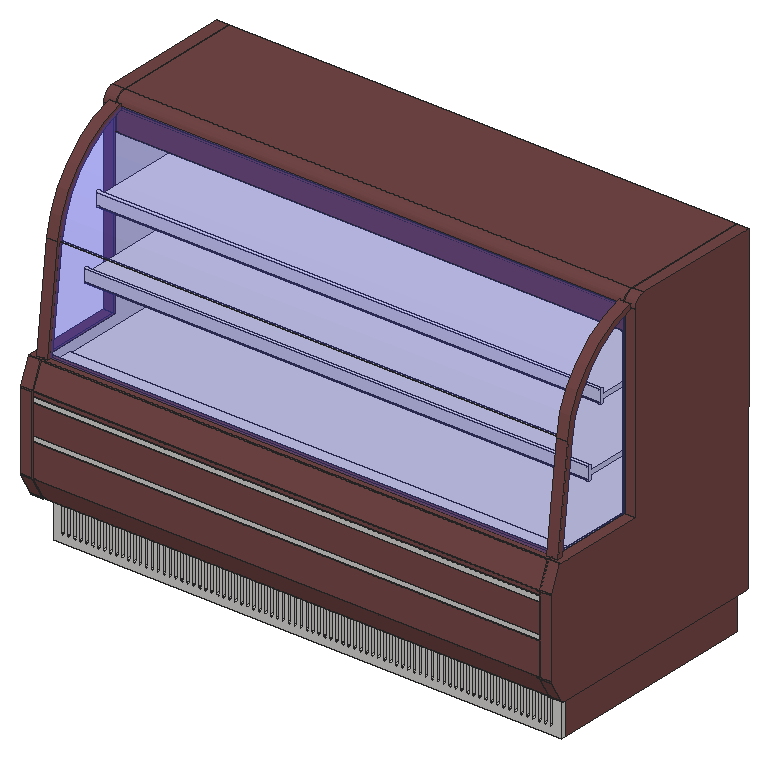
Revit family "QF_Turbo Air_TCGB-72-2", category Specialty Equipment, Revit 2014 (continued)
Automatic sketch dimensions
  Extrusion 7 sketch curve to plane 11 "Inside Bottom" = 0' - 6 13/16"
  Extrusion 7 sketch curve to plane 19 "Door Top" = 0' - 1 1/16"
  Extrusion 9 sketch curve to plane 14 "Bottom Front" = 0' - 0 1/4"
  plane 9 "BACK" to Extrusion 9 sketch curve = 0' - 0 1/4"
  Extrusion 9 sketch curve to plane 8 "Inside Right" = 0' - 0 1/4"
  plane 7 "Inside Left" to Extrusion 9 sketch curve = 0' - 0 1/4"
  plane 8 "Inside Right" to Extrusion 10 sketch curve = 0' - 0"
  Extrusion 12 sketch curve to plane 19 "Door Top" = 0' - 0"
  Extrusion 12 sketch curve to plane 20 "Door Bottom" = 0' - 0"
  Extrusion 12 sketch curve to plane 9 "BACK" = 0' - 0"
  plane 9 "BACK" to Extrusion 12 sketch curve = 0' - 2 3/8"
  Extrusion 13 sketch curve to plane 19 "Door Top" = 0' - 0"
  Extrusion 13 sketch curve to plane 20 "Door Bottom" = 0' - 0"
  Extrusion 13 sketch curve to plane 9 "BACK" = 0' - 0"
  plane 9 "BACK" to Extrusion 13 sketch curve = 0' - 2 3/8"
  Extrusion 14 sketch curve to Extrusion 14 sketch curve = 0' - 0"  (x2)
  Extrusion 14 sketch curve to plane 10 "Panel Lower" = 0' - 0"
  plane 14 "Bottom Front" to Extrusion 14 sketch curve = 0' - 2.06579"
  Extrusion 14 sketch curve to Extrusion 14 sketch curve = 0' - 0.37782"
  plane 14 "Bottom Front" to Extrusion 14 sketch curve = 0' - 0.39109"
  plane 14 "Bottom Front" to Extrusion 14 sketch curve = 0' - 0.01894"
  Extrusion 14 sketch curve to plane 13 "TOP" = 0' - 1.68514"
  Extrusion 14 sketch curve to plane 14 "Bottom Front" = 0' - 10"
  Extrusion 14 sketch curve to Extrusion 14 sketch curve = 0' - 1 1/2"
  Extrusion 14 sketch curve to plane 18 "Upper Shelf" = 0' - 4.05903"
  Extrusion 14 sketch curve to Extrusion 14 sketch curve = 0' - 2.18672"
  Extrusion 14 sketch curve to Extrusion 14 sketch curve = 0' - 0.04612"
  Extrusion 14 sketch curve to Extrusion 14 sketch curve = 0' - 0.18514"
  Extrusion 15 sketch curve to plane 10 "Panel Lower" = 0' - 0"
  Extrusion 15 sketch curve to plane 14 "Bottom Front" = 0' - 0"
  Extrusion 15 sketch curve to plane 10 "Panel Lower" = 0' - 0 3/8"
  plane 14 "Bottom Front" to Extrusion 15 sketch curve = 0' - 1.20917"
  plane 12 "Panel Bottom" to Extrusion 15 sketch curve = 0' - 0 1/2"
  Extrusion 15 sketch curve to plane 5 "FRONT" = 0' - 2.09151"
  Extrusion 15 sketch curve to Extrusion 15 sketch curve = 0' - 0.14434"
  plane 12 "Panel Bottom" to Extrusion 15 sketch curve = 0' - 0 3/16"
  Extrusion 15 sketch curve to Extrusion 15 sketch curve = 0' - 0.10825"
  Extrusion 15 sketch curve to Extrusion 15 sketch curve = 0' - 1.29074"
  Extrusion 15 sketch curve to plane 10 "Panel Lower" = 0' - 0 1/8"
  Extrusion 15 sketch curve to Extrusion 15 sketch curve = 0' - 0.16283"
  Extrusion 15 sketch curve to plane 10 "Panel Lower" = 0' - 0.07447"
  Extrusion 15 sketch curve to plane 5 "FRONT" = 0' - 0 7/16"  (x3)
  Extrusion 15 sketch curve to plane 5 "FRONT" = 0' - 0 3/16"  (x2)
  Extrusion 15 sketch curve to plane 5 "FRONT" = 0' - 0.07925"
  Extrusion 15 sketch curve to plane 5 "FRONT" = 0' - 0.07317"
  Extrusion 15 sketch curve to plane 5 "FRONT" = 0' - 0 1/16"  (x3)
  plane 12 "Panel Bottom" to Extrusion 15 sketch curve = 0' - 0 1/8"
  plane 12 "Panel Bottom" to Extrusion 15 sketch curve = 0' - 3.23534"
  Extrusion 15 sketch curve to Extrusion 15 sketch curve = 0' - 0.06699"
  Extrusion 15 sketch curve to Extrusion 15 sketch curve = 0' - 4.43208"
  Extrusion 15 sketch curve to Extrusion 15 sketch curve = 0' - 0 3/4"
  Extrusion 15 sketch curve to plane 11 "Inside Bottom" = 0' - 2.5156"
  Extrusion 15 sketch curve to Extrusion 15 sketch curve = 0' - 0 13/16"
  Extrusion 15 sketch curve to Extrusion 15 sketch curve = 0' - 0.48332"
  Extrusion 15 sketch curve to Extrusion 15 sketch curve = 0' - 0.05278"
  Extrusion 16 sketch curve to plane 5 "FRONT" = 0' - 0 1/16"  (x2)
  Extrusion 16 sketch curve to Extrusion 16 sketch curve = 0' - 0 3/8"  (x2)
  Extrusion 16 sketch curve to plane 11 "Inside Bottom" = 0' - 7.2031"
  Extrusion 16 sketch curve to Extrusion 16 sketch curve = 0' - 0 5/8"
  Extrusion 16 sketch curve to plane 11 "Inside Bottom" = 0' - 2.4531"
  Extrusion 16 sketch curve to Extrusion 16 sketch curve = 0' - 0 11/16"
  Extrusion 17 sketch curve to plane 14 "Bottom Front" = 0' - 0"
  Extrusion 17 sketch curve to plane 11 "Inside Bottom" = 0' - 0"
  Extrusion 17 sketch curve to plane 20 "Door Bottom" = 0' - 0 1/16"
  plane 14 "Bottom Front" to Extrusion 17 sketch curve = 0' - 1.20917"
  plane 12 "Panel Bottom" to Extrusion 17 sketch curve = 0' - 0 1/2"
  Extrusion 17 sketch curve to plane 5 "FRONT" = 0' - 2.09151"
  Extrusion 17 sketch curve to plane 10 "Panel Lower" = 0' - 0 3/8"
  Extrusion 17 sketch curve to Extrusion 17 sketch curve = 0' - 1.29074"
  Extrusion 17 sketch curve to plane 5 "FRONT" = 0' - 0 7/16"
  Extrusion 17 sketch curve to plane 14 "Bottom Front" = 0' - 1 7/8"
  plane 9 "BACK" to Extrusion 17 sketch curve = 0' - 2 3/8"
  Extrusion 17 sketch curve to Extrusion 17 sketch curve = 0' - 2.86482"
  Extrusion 17 sketch curve to Extrusion 17 sketch curve = 0' - 4.88518"
  Extrusion 17 sketch curve to plane 11 "Inside Bottom" = 0' - 1.21978"
  Extrusion 18 sketch curve to plane 11 "Inside Bottom" = 0' - 0"
  plane 9 "BACK" to Extrusion 18 sketch curve = 0' - 5 1/8"
  Extrusion 18 sketch curve to plane 13 "TOP" = 0' - 0 3/4"
  plane 9 "BACK" to Extrusion 18 sketch curve = 0' - 2 3/8"
  Extrusion 19 sketch curve to plane 11 "Inside Bottom" = 0' - 0"
  plane 9 "BACK" to Extrusion 19 sketch curve = 0' - 5 1/8"
  Extrusion 19 sketch curve to plane 13 "TOP" = 0' - 0 3/4"
  plane 9 "BACK" to Extrusion 19 sketch curve = 0' - 2 3/8"
  Extrusion 20 sketch curve to plane 20 "Door Bottom" = 0' - 0"
  Extrusion 20 sketch curve to plane 19 "Door Top" = 0' - 0"
  Extrusion 20 sketch curve to plane 11 "Inside Bottom" = 0' - 0"
  Extrusion 20 sketch curve to plane 13 "TOP" = 0' - 0 3/4"
  plane 9 "BACK" to Extrusion 20 sketch curve = 0' - 5 1/8"  (x2)
  plane 9 "BACK" to Extrusion 20 sketch curve = 0' - 2 3/8"  (x2)
  Extrusion 21 sketch curve to plane 13 "TOP" = 0' - 1 3/4"
  Extrusion 21 sketch curve to plane 14 "Bottom Front" = 0' - 10 1/8"
  Extrusion 21 sketch curve to Extrusion 21 sketch curve = 0' - 0.22256"
  Extrusion 21 sketch curve to Extrusion 21 sketch curve = 0' - 1.15244"
  Extrusion 21 sketch curve to Extrusion 21 sketch curve = 0' - 0 1/8"
  plane 19 "Door Top" to Extrusion 21 sketch curve = 0' - 0 13/16"
  plane 9 "BACK" to Extrusion 21 sketch curve = 0' - 5 1/8"
  Extrusion 21 sketch curve to Extrusion 21 sketch curve = 0' - 0 1/4"
  Extrusion 22 sketch curve to plane 10 "Panel Lower" = 0' - 0"
  Extrusion 22 sketch curve to plane 11 "Inside Bottom" = 0' - 0"  (x3)
  Extrusion 22 sketch curve to plane 20 "Door Bottom" = 0' - 0 1/16"
  plane 14 "Bottom Front" to Extrusion 22 sketch curve = 0' - 1.20917"
  Extrusion 22 sketch curve to plane 14 "Bottom Front" = 0' - 1 7/8"
  Extrusion 22 sketch curve to Extrusion 22 sketch curve = 0' - 0 1/16"  (x3)
  Extrusion 22 sketch curve to Extrusion 22 sketch curve = 0' - 8 1/16"
  plane 19 "Door Top" to Extrusion 22 sketch curve = 0' - 0 13/16"
  Extrusion 22 sketch curve to Extrusion 22 sketch curve = 0' - 1 1/2"  (x2)
  Extrusion 22 sketch curve to plane 20 "Door Bottom" = 0' - 0 3/8"  (x2)
  plane 9 "BACK" to Extrusion 22 sketch curve = 0' - 6 3/4"
  plane 9 "BACK" to Extrusion 22 sketch curve = 0' - 5 1/8"
  Extrusion 22 sketch curve to plane 19 "Door Top" = 0' - 1 1/16"
  Extrusion 22 sketch curve to plane 13 "TOP" = 0' - 1 3/4"
  Extrusion 23 sketch curve to plane 10 "Panel Lower" = 0' - 0"
  Extrusion 23 sketch curve to plane 11 "Inside Bottom" = 0' - 0"  (x3)
  Extrusion 23 sketch curve to plane 20 "Door Bottom" = 0' - 0 1/16"
  plane 14 "Bottom Front" to Extrusion 23 sketch curve = 0' - 1.20917"
  Extrusion 23 sketch curve to plane 14 "Bottom Front" = 0' - 1 7/8"
  Extrusion 23 sketch curve to Extrusion 23 sketch curve = 0' - 0 1/16"  (x3)
  Extrusion 23 sketch curve to Extrusion 23 sketch curve = 0' - 8 1/16"
  plane 19 "Door Top" to Extrusion 23 sketch curve = 0' - 0 13/16"
  Extrusion 23 sketch curve to Extrusion 23 sketch curve = 0' - 1 1/2"  (x2)
  Extrusion 23 sketch curve to plane 20 "Door Bottom" = 0' - 0 3/8"  (x2)
  plane 9 "BACK" to Extrusion 23 sketch curve = 0' - 6 3/4"
  plane 9 "BACK" to Extrusion 23 sketch curve = 0' - 5 1/8"
  Extrusion 23 sketch curve to plane 19 "Door Top" = 0' - 1 1/16"
  Extrusion 23 sketch curve to plane 13 "TOP" = 0' - 1 3/4"
  Extrusion 24 sketch curve to plane 11 "Inside Bottom" = 0' - 0"  (x2)
  Extrusion 24 sketch curve to plane 20 "Door Bottom" = 0' - 0 3/8"  (x2)
  Extrusion 24 sketch curve to plane 14 "Bottom Front" = 0' - 1 15/16"
  plane 9 "BACK" to Extrusion 24 sketch curve = 0' - 6 3/4"
  Extrusion 24 sketch curve to Extrusion 24 sketch curve = 0' - 0 1/16"
  Extrusion 24 sketch curve to Extrusion 24 sketch curve = 0' - 1 1/2"
  Extrusion 25 sketch curve to plane 17 "Lower Shelf" = 0' - 0"
  Extrusion 25 sketch curve to plane 18 "Upper Shelf" = 0' - 0"
  Extrusion 25 sketch curve to plane 17 "Lower Shelf" = 0' - 1"
  Extrusion 25 sketch curve to plane 14 "Bottom Front" = 0' - 4 3/8"
  Extrusion 25 sketch curve to Extrusion 25 sketch curve = 0' - 0 3/16"  (x4)
  Extrusion 25 sketch curve to plane 18 "Upper Shelf" = 0' - 1"
  Extrusion 25 sketch curve to plane 14 "Bottom Front" = 0' - 6 3/8"
  plane 9 "BACK" to Extrusion 25 sketch curve = 0' - 5 1/8"  (x2)
  Extrusion 25 sketch curve to plane 17 "Lower Shelf" = 0' - 0 5/8"
  plane 17 "Lower Shelf" to Extrusion 25 sketch curve = 0' - 0 9/16"
  Extrusion 25 sketch curve to Extrusion 25 sketch curve = 0' - 0 5/8"
  plane 18 "Upper Shelf" to Extrusion 25 sketch curve = 0' - 0 9/16"
  Extrusion 30 sketch curve to plane 9 "BACK" = 0' - 0"
  Extrusion 30 sketch curve to plane 1 "Handle Back" = 0' - 0"
  Extrusion 30 sketch curve to plane 17 "Lower Shelf" = 0' - 2 1/8"
  Extrusion 30 sketch curve to Extrusion 30 sketch curve = 0' - 0 1/2"  (x2)
  plane 18 "Upper Shelf" to Extrusion 30 sketch curve = 0' - 0 5/8"
  plane 9 "BACK" to Extrusion 31 sketch curve = 0' - 1 3/16"
  plane 1 "Handle Back" to Extrusion 31 sketch curve = 0' - 1 3/16"
  Extrusion 31 sketch curve to plane 17 "Lower Shelf" = 0' - 2 1/8"
  Extrusion 31 sketch curve to Extrusion 31 sketch curve = 0' - 0 1/2"  (x2)
  plane 18 "Upper Shelf" to Extrusion 31 sketch curve = 0' - 0 5/8"
  curve 11 to plane 7 "Inside Left" = 0' - 0"
  plane 1 "Handle Back" to curve 19 = 0' - 0"
  curve 17 to plane 8 "Inside Right" = 0' - 0"
  curve 16 to plane 8 "Inside Right" = 0' - 0"
  curve 19 to plane 16 "Door Right" = 0' - 1"
  curve 18 to curve 19 = 0' - 0 1/4"
  curve 13 to curve 24 = 0' - 0.25188"
  plane 14 "Bottom Front" to curve 23 = 0' - 0.39109"
  curve 22 to curve 12 = 0' - 0.07996"
  curve 21 to curve 12 = 0' - 0.07996"
  curve 9 to curve 6 = 0' - 0.07996"
  Extrusion 11 sketch curve to plane 15 "Door Left" = 0' - 0"
  Extrusion 11 sketch curve to plane 21 "CENTER LR" = 0' - 0"
  Extrusion 11 sketch curve to plane 16 "Door Right" = 0' - 0"
  Extrusion 11 sketch curve to plane 15 "Door Left" = 0' - 0 3/16"
  Extrusion 11 sketch curve to Extrusion 11 sketch curve = 0' - 0 7/16"  (x80)
  Extrusion 11 sketch curve to Extrusion 11 sketch curve = 0' - 0 3/16"  (x82)
  plane 6 "Bottom" to Extrusion 11 sketch curve = 0' - 1 1/4"  (x12)
  Extrusion 11 sketch curve to Extrusion 11 sketch curve = 0' - 0"  (x142)
  Extrusion 11 sketch curve to plane 12 "Panel Bottom" = 0' - 0 15/16"  (x12)
  radius of Extrusion 32 sketch curve = 0' - 0 9/16"  (x4)
  radius of Extrusion 33 sketch curve = 0' - 0 1/4"
Connectors (in)
  electrical at (19.68427, -0.6875, 6), driven by "Number of Poles", driven by "Volts", driven by "Apparent Power"
    settings: on Extrusion 33, index 1, voltage 115 V, apparent load 1265 VA, apparent load phase1 0 VA, apparent load phase2 0 VA, apparent load phase3 0 VA, power factor 1, load classification "Other", number of poles 1, system type 30, power factor state 1, is connector primary yes, connector utility no, sub classification motor no, connector description "Electric"
